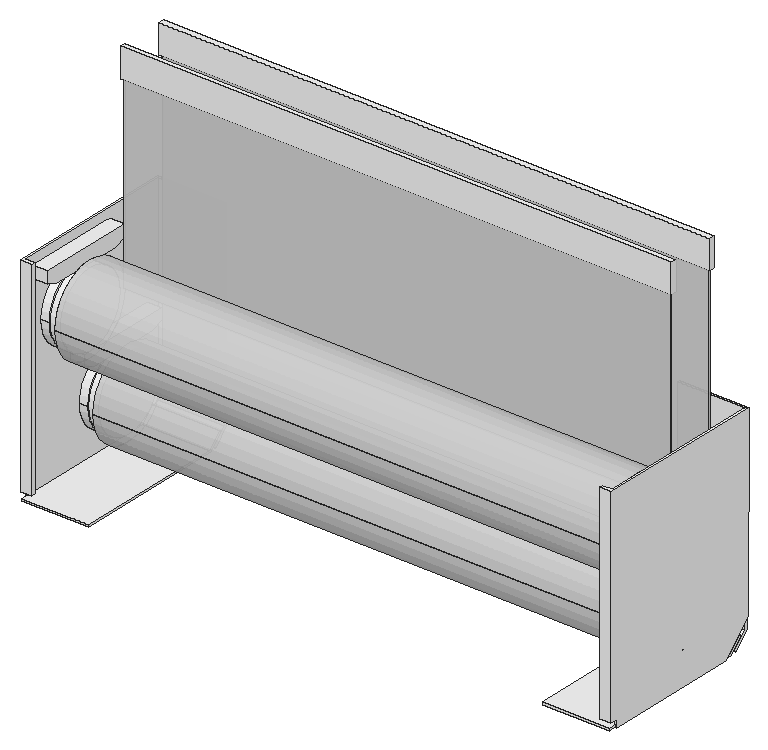
Revit family "Roller_Shades-Lutron-Contract_Dual_Roller-02", category Specialty Equipment, host Face, Revit 2017
Family settings
  Host = Face
  Round Connector Dimension = Use Diameter
  Part Type = Normal
  OmniClass Number = 23.30.60.14.21
  OmniClass Title = Shades
  Cut with Voids When Loaded = No
  Shared = No
  Room Calculation Point = No
Parameters (values of type "Ceiling Mount")
  Warranty URL = "http://www.lutron.com/en-US/Service-Support/Pages/Service/Warranty/Warranty.aspx"
  Wall Mount = no
  Video Link = "https://www.youtube.com/user/LutronElectronicsInc"
  Version = "2017 - v1.0a"  # constant formula
  URL = "http://www.lutron.com"
  Type Comments = ""
  Top to Center [instance] = if(and(Wall Mount, Fascia Top Back Cover), 0' 2 21/64", if(and(Wall Mount, Fascia), 0' 2 15/64", if(and(Wall Mount, Pocket Mount Enclosure), 0' 2 1/4", if(Wall Mount, 0' 2 5/32", if(and(Ceiling Mount, Fascia), 0' 2 59/256", if(and(Ceiling Mount, Pocket Mount Enclosure), 0' 2", if(Ceiling Mount, 0' 1 29/32", 0' 2 5/32")))))))  # 0' - 1 29/32"
  Support Phone = "(224) 699-9545"  # constant formula
  Support Email = "mailto: support@anguleris.com"
  Side to Center [instance] = if(and(Ceiling Mount, Fascia Top Back Cover), 0' 2 21/64", if(and(Ceiling Mount, Fascia), 0' 2 15/64", if(and(Ceiling Mount, Pocket Mount Enclosure), 0' 2 1/4", if(Ceiling Mount, 0' 2 5/32", if(and(Wall Mount, Fascia), 0' 2 59/256", if(and(Wall Mount, Pocket Mount Enclosure), 0' 2", if(Wall Mount, 0' 1 29/32", 0' 2 5/32")))))))  # 0' - 2 5/32"
  Shade Width [instance] = 1' - 6"
  Shade Size Available [instance] = if(and(Shade Height > 15' 0", Shade Width > 10' 0"), "Shade Size Unavailable, Max Height 15', Max Width 10'", if(Shade Height > 15' 0", "Shade Size Unavailable, Max Height 15'", if(Shade Width > 10' 0", "Shade Size Unavailable, Max Width 10'", "Yes")))  # "Yes"
  Shade Material = Fabric - Lutron - Linen - White
  Shade Height [instance] = 0' - 5 1/2"
  Series = "Contract Roller Shades"
  Right Clutch [instance] = yes
  Product Page URL = "http://www.lutron.com/en-US/Products/Pages/ShadingSystems/ContractRoller/Overview.aspx"
  Product Name = "Contract Roller - Dual Manual Shade"
  Product Documentation Link = "http://www.lutron.com/TechnicalDocumentLibrary/085350.pdf"
  Pocket Mount Enclosure = no
  Pocket Inset = if(Pocket Mount Enclosure, 0' 11", 0' 0")  # 0' - 0"
  Performance URL = "http://www.lutron.com/en-US/Service-Support/Pages/Technical/PerfomanceSpecs.aspx"
  Overall Width [instance] = if(and(Fascia, Shade Width < 1' 6 1/2"), 1' 6 1/2" + 0' 1 3/4", if(and(not(Fascia), Shade Width < 1' 6 1/2"), 1' 6 1/2" + 0' 1 1/2", if(and(Fascia, Shade Width > 10' 0"), 10' 0" + 0' 1 3/4", if(and(not(Fascia), Shade Width > 10' 0"), 10' 0" + 0' 1 1/2", Shade Width + Edge Width))))  # 1' - 8"
  Overall Height [instance] = if([3D Shade Height Visibility], Shade Height, 1' 0 1/2")  # 1' - 0 1/2"
  Overall Depth [instance] = if(Fascia Top Back Cover, 0' 6 33/256", if(Fascia, 0' 6 9/256", if(Pocket Mount Enclosure, 0' 7", 0' 5 205/256")))  # 0' - 5 205/256"
  Mounting = if(Pocket Mount Enclosure, "Pocket Mount", if(Wall Mount, "Wall Mount", if(Ceiling Mount, "Ceiling Mount", "Select Mounting Type")))  # "Ceiling Mount"
  Model = "Manual Shade"
  Manufacturer Phone Number = "610-282-3800"  # constant formula
  Manufacturer Fax Number = "610-282-1243"  # constant formula
  Manufacturer Email = "mailto:support@lutron.com"
  Manufacturer Address = "7200 Suter Rd, Coopersburg, PA 18036"  # constant formula
  Manufacturer = "Lutron Electronics Co., Inc"  # constant formula
  Lineal Requirements [instance] = ""
  Light Gap = 0' - 0 3/4"  # constant formula
  Left Clutch [instance] = no
  Keynote = ""
  Instruction Sheet Link = "http://www.lutron.com/TechnicalDocumentLibrary/045672.pdf"
  Fixture Angle = if(Wall Mount, 90.00°, 0.00°)  # 0.00°
  Finish = Finish - Lutron - White
  Fascia Top Back Cover [instance] = no
  Fascia Note [instance] = "Fascia must be turned on to utilize Fascia Endcap and Fascia Top Back Cover Options"  # constant formula
  Fascia [instance] = no
  Fabric Roll Detail = ""
  Fabric Options [instance] = ""
  Fabric Collection [instance] = ""
  Fascia Endcap [instance] = no
  End Cap [instance] = 0' - 7 253/256"  # constant formula
  Edge Width [instance] = if(Fascia, 0' 1 3/4", 0' 1 1/2")  # 0' - 1 1/2"
  Description = "Manual Roller Shade"
  Default Elevation = 0' - 0"
  Cost Info = "mailto:sales@lutron.com"
  Cost = 0
  Copyright = "© 2019 Lutron Electronics Co., Inc."  # constant formula
  Control Technology [instance] = ""
  Ceiling Mount = yes
  C Fascia Top [instance] = if(and(Fascia, Fascia Top Back Cover), 1 = 1, 1 = 0)  # no
  C Fascia Endcap [instance] = if(and(Fascia, Fascia Endcap), 1 = 1, 1 = 0)  # no
  C Fascia [instance] = if(Pocket Mount Enclosure, 1 = 0, Fascia)  # no
  Bottom Bar [instance] = ""
  Assembly Code = "E2010320"
  Actual Shade Width [instance] = if(Shade Width > 10' 0", 10' 0", Shade Width)  # 1' - 6"
  Actual Shade Height [instance] = if(Shade Height > 15' 0", 15' 0", Shade Height)  # 0' - 5 1/2"
  3D Shade Height Visibility [instance] = no
Types (3): name | Wall Mount | Top to Center | Side to Center | Pocket Mount Enclosure | Pocket Inset | Overall Depth | Mounting | Fixture Angle | Ceiling Mount
  Ceiling Mount | no | 0' - 1 29/32" | 0' - 2 5/32" | no | 0' - 0" | 0' - 5 205/256" | "Ceiling Mount" | 0.00° | yes
  Wall Mount | yes | 0' - 2 5/32" | 0' - 1 29/32" | no | 0' - 0" | 0' - 5 205/256" | "Wall Mount" | 90.00° | no
  Pocket Mount | no | 0' - 2" | 0' - 2 1/4" | yes | 0' - 11" | 0' - 7" | "Pocket Mount" | 0.00° | yes
Reference planes (in)
  plane 1 "Center (Front/Back)": y = 0
  plane 2: z = 0
  plane 3 "Center (Left/Right)": x = 0
  plane 4: x = -10
  plane 5: x = 10
  plane 6: x = -9.25
  plane 7: x = 9.25
  plane 8: z = 1.90625
  plane 9: z = 0
  plane 10: y = 2.15625
  plane 11: y = -3.64453
  plane 12: x = -9.625
  plane 13: x = 9.625
  plane 14: x = -10.125
  plane 15: x = 10.125
  plane 16: z = 0
  plane 17 "Pocket": z = 0
  plane 18: z = 12.5
Forms (in)
  Extrusion 1, void
    sketch origin (0, 1.5, 1.90625) x (0, -1, 0) y (1, 0, 0)
      loop
        line (-0.65625, -10) -> (5.14453, -10) -> (5.14453, 10) -> (-0.65625, 10) -> (-0.65625, -10)
    from -1.90625 to 10.59375
Lines and regions (in)
  reference lines
    curve 1: line (0, 0, 1.90625) -> (0, 0, 12.15625)
    curve 2: line (0, 0, 1.90625) -> (0, -14, 1.90625)
Dimensions and locks (in)
  "Light Gap": plane 4 to plane 6
  "Light Gap": plane 7 to plane 5
  equal spacing: plane 4, plane 3 "Center (Left/Right)", plane 5
  "Overall Width": plane 4 to plane 5
  locked: plane 12 to plane 4 at 0.375
  locked: plane 13 to plane 5 at 0.375
  locked: plane 4 to plane 14 at 0.125
  locked: plane 5 to plane 15 at 0.125
  "Overall Depth": plane 10 to plane 11
  "Side to Center": plane 10 to plane 1 "Center (Front/Back)"
  locked: level to plane 16 at 0
  "Overall Height": plane 18 to plane 17 "Pocket"
  "Top to Center": plane 8 to plane 17 "Pocket"
  "Pocket Inset": level to plane 17 "Pocket"
  locked: curve 2 to curve 1 (angle 90.00°)
  "Fixture Angle": angle plane 8 to curve 2
  aligned and locked: plane 2 to host face
  aligned and locked: level to host face
  aligned and locked: nested 1 to curve 2
  aligned and locked: nested 1 to curve 1
  aligned and locked: plane 8 to curve 1
  aligned and locked: plane 3 "Center (Left/Right)" to nested 1
  aligned and locked: Extrusion 1 sketch curve to plane 10
  aligned and locked: Extrusion 1 sketch curve to nested 1
  aligned and locked: Extrusion 1 sketch curve to plane 11
  aligned and locked: nested 1 to Extrusion 1 sketch curve
  aligned and locked: plane 18 to Extrusion 1
  aligned and locked: Extrusion 1 to plane 17 "Pocket"
Automatic sketch dimensions
  host sketch curve to host sketch curve = 8' - 0"
  host sketch curve to host sketch curve = 8' - 0.06319"
  curve 2 to plane 1 "Center (Front/Back)" = 0' - 0"
Nested families (in)
  nested 1: "Prototype Dual Rotate" at (0, 0, 1.90625), Shade Width <- "Shade Width", Shade Height <- "Shade Height", Left Clutch <- "Left Clutch", Fascia Endcap <- "C Fascia Endcap", Fascia Top Back Cover <- "C Fascia Top", 3D Shade Height Visibility <- "3D Shade Height Visibility", type "None"
    with Top to Center 0' - 1 29/32", Side to Center 0' - 2 5/32", Shade Width 1' - 6", Shade Size Available "Yes", Shade Height 0' - 5 1/2", Right Clutch Standard yes, Right Clutch Fascia no, Right Clutch yes, Overall Width 1' - 8", Overall Height 1' - 0 1/2", Overall Depth 0' - 5 205/256", Lineal Requirements "", Left Clutch Standard no, Left Clutch Fascia no, Left Clutch no, Fascia Top Back Cover no, Fascia Endcap no, Fabric Options "", Fabric Collection "", End Cap Mask 0' - 0 1/8", End Cap 0' - 7 253/256", Control Technology "", Bottom Bar "", Actual Shade Width 1' - 6", Actual Shade Height 1' - 6", 3D Shade Height Visibility no
Definition of nested family "Prototype Dual Rotate"
  Parameters (values of type "None")
    Warranty URL = ""
    Video Link = ""
    Version = "2017 - v1.0b"  # constant formula
    URL = "http://www.lutron.com"
    Type Comments = ""
    Top to Center [instance] = if(Fascia, 0' 2 59/256", if(Pocket Mount Enclosure, 0' 2", 0' 1 29/32"))  # 0' - 1 29/32"
    Support Phone = "(224) 699-9545"  # constant formula
    Support Email = "mailto: support@anguleris.com"
    Side to Center [instance] = if(Fascia, 0' 2 21/64", if(Pocket Mount Enclosure, 0' 2 1/4", 0' 2 5/32"))  # 0' - 2 5/32"
    Shade Width [instance] = 1' - 0"
    Shade Size Available [instance] = if(and(Shade Height > 15' 0", Shade Width > 10' 0"), "Shade Size Unavailable, Max Height 15', Max Width 10'", if(Shade Height > 15' 0", "Shade Size Unavailable, Max Height 15'", if(Shade Width > 10' 0", "Shade Size Unavailable, Max Width 10'", "Yes")))  # "Yes"
    Shade Material = none
    Shade Height [instance] = 2' - 0"
    Series = ""
    Roller Spacing Width = if(Fascia, 0' 1 169/256", 0' 1 161/256")  # 0' - 1 161/256"
    Roller Spacing Height = if(Fascia, 0' 3 39/64", 0' 3 1/4")  # 0' - 3 1/4"
    Right Clutch Standard [instance] = if(and(not(Fascia), Right Clutch), 1 = 1, 1 = 0)  # no
    Right Clutch Fascia [instance] = if(and(Fascia, Right Clutch), 1 = 1, 1 = 0)  # no
    Right Clutch [instance] = not(Left Clutch)  # no
    Product Page URL = ""
    Product Name = ""
    Product Documentation Link = ""
    Pocket Mount Enclosure = no
    Performance URL = ""
    Overall Width [instance] = if(and(Fascia, Shade Width < 1' 6 1/2"), 1' 6 1/2" + 0' 1 3/4", if(and(not(Fascia), Shade Width < 1' 6 1/2"), 1' 6 1/2" + 0' 1 1/2", if(and(Fascia, Shade Width > 10' 0"), 10' 0" + 0' 1 3/4", if(and(not(Fascia), Shade Width > 10' 0"), 10' 0" + 0' 1 1/2", Shade Width + Edge Width))))  # 1' - 8"
    Overall Height [instance] = if([3D Shade Height Visibility], Shade Height, 1' 0 1/2")  # 1' - 0 1/2"
    Overall Depth [instance] = if(Fascia, 0' 6 33/256", if(Pocket Mount Enclosure, 0' 7", 0' 5 205/256"))  # 0' - 5 205/256"
    Not Pocket = not(Pocket Mount Enclosure)  # yes
    Mounting = "Ceiling"
    Model = ""
    Manufacturer Phone Number = "610-282-3800"  # constant formula
    Manufacturer Fax Number = "610-282-1243"  # constant formula
    Manufacturer Email = "mailto:support@lutron.com"
    Manufacturer Address = "7200 Suter Rd, Coopersburg, PA 18036"  # constant formula
    Manufacturer = "Lutron Electronics Co., Inc"  # constant formula
    Lineal Requirements [instance] = ""
    Light Gap = 0' - 0 3/4"  # constant formula
    Left Clutch Standard [instance] = if(and(not(Fascia), Left Clutch), 1 = 1, 1 = 0)  # yes
    Left Clutch Fascia [instance] = if(and(Fascia, Left Clutch), 1 = 1, 1 = 0)  # no
    Left Clutch [instance] = yes
    Keynote = ""
    Instruction Sheet Link = ""
    Finish = none
    Fascia Top Back Cover [instance] = no
    Fascia = no
    Fabric Roll Detail = ""
    Fabric Options [instance] = ""
    Fabric Collection [instance] = ""
    Fascia Endcap [instance] = no
    End Cap Mask [instance] = if(Fascia Endcap, 0' 0", 0' 0 1/8")  # 0' - 0 1/8"
    End Cap [instance] = 0' - 7 253/256"  # constant formula
    Edge Width = if(Fascia, 0' 1 3/4", 0' 1 1/2")  # 0' - 1 1/2"
    Description = ""
    Default Elevation = 0' - 0"
    Cost Info = "mailto:sales@lutron.com"
    Cost = 0
    Copyright = "© 2019 Lutron Electronics Co., Inc."  # constant formula
    Control Technology [instance] = ""
    Bottom Bar [instance] = ""
    Assembly Code = "E2010320"
    Actual Shade Width [instance] = if(Shade Width > 10' 0", 10' 0", Shade Width)  # 1' - 0"
    Actual Shade Height [instance] = if(Shade Width > 15' 0", 15' 0", Shade Width)  # 1' - 0"
    3D Shade Height Visibility [instance] = no
  Reference planes (in)
    plane 1 "Center (Front/Back)": y = 0
    plane 2: z = 0
    plane 3 "Center (Left/Right)": x = 0
    plane 4: x = -10
    plane 5: x = 10
    plane 6: x = -9.25
    plane 7: x = 9.25
    plane 8: z = 0
    plane 9: z = 9.60775
    plane 10: z = 10.59375
    plane 11: y = 1.5
    plane 12: z = 0
    plane 13: y = 2.15625
    plane 14: y = -3.64453
    plane 15: x = -9.625
    plane 16: x = 9.625
    plane 17: x = -10.125
    plane 18: x = 10.125
    plane 19: z = 6.08203
    plane 20: z = 0
    plane 21: z = -1.90625
    plane 22: y = 1.4375
    plane 23: z = 3.25
    plane 24: y = -1.62891
    plane 25: y = -0.12891
    plane 26: y = -0.19141
  Forms (in)
    Extrusion 1, solid
      sketch origin (0, 0, 0) x (1, 0, 0) y (0, 1, 0)
        loop
          line (-48, 48) -> (-48, -48.06319) -> (48, -48.06319) -> (48, 48) -> (-48, 48)
      from 0 to -5.50196
    Extrusion 2, solid, material <- "Shade Material"
      sketch origin (0, 0, 3.25) x (0, 1, 0) y (0, 0, 1)
        loop
          circle (0, -3.25) r 1.5
        loop
          circle (-1.62891, 0) r 1.5
      from -9.25 to 9.25
    Extrusion 3, solid, material <- "Finish"
      sketch origin (0, -1.764, 5.014) x (0, 0, -1) y (0, -1, 0)
        loop
          circle (5.014, -1.764) r 1.25
        loop
          circle (1.764, -0.13509) r 1.25
      from 9.25 to 9.625
    Extrusion 4, solid, material <- "Finish"
      sketch origin (0, 0, 3.25) x (0, 1, 0) y (0, 0, 1)
        loop
          circle (0, -3.25) r 1.25
        loop
          circle (-1.62891, 0) r 1.25
      from 9.25 to 9.625
    Extrusion 5, solid, material <- "Shade Material"
      sketch origin (0, 1.4375, 5.014) x (1, 0, 0) y (0, 0, -1)
        loop
          line (-9.25, 5.014) -> (-9.25, -4.59375) -> (9.25, -4.59375) -> (9.25, 5.014) -> (-9.25, 5.014)
      from 0 to 0.0625
    Extrusion 6, solid, material <- "Finish", detail levels medium+fine
      sketch origin (0, -1.764, 5.014) x (0, 0, -1) y (0, 1, 0)
        loop
          line (-4.59375, 3.3265) -> (-5.57975, 3.3265) -> (-5.57975, 3.139) -> (-4.59375, 3.139) -> (-4.59375, 3.3265)
      from -9.3125 to 9.3125
    Extrusion 7, solid, material <- "Finish", visible <- "Fascia Endcap"
      sketch origin (0, 0, 6.8125) x (1, 0, 0) y (0, 1, 0)
        loop
          line (10, -3.64453) -> (10.125, -3.64453) -> (10.125, 2.15625) -> (10, 2.15625) -> (10, -3.64453)
        loop
          line (-10, -3.64453) -> (-10, 2.15625) -> (-10.125, 2.15625) -> (-10.125, -3.64453) -> (-10, -3.64453)
      from -8.71875 to -0.73047
    Sweep 8, solid, material <- "Finish", visible <- "Fascia"
      path origin (0, 0, 3.25) x (1, 0, 0) y (0, 0, 1)
        loop
          line (-10, -3.25) -> (10, -3.25)
      profile "Dual Fascia Profile : Dual Fascia Profile" origin (0, 0, 0) x (0, 0, 1) y (0, -1, 0)
        loop
          line (5.73625, 2.73878) -> (5.83, 2.73878) -> (5.83, 3.8) -> (-2.23, 3.8) -> (-2.23, 3.47381) -> (-2.13625, 3.47381) -> (-2.13625, 3.70625) -> (5.73625, 3.70625) -> (5.73625, 2.73878)
    Sweep 9, solid, material <- "Finish", visible <- "Pocket Mount Enclosure"
      path origin (0, 0, 3.25) x (1, 0, 0) y (0, 0, 1)
        loop
          line (-10, -3.25) -> (10, -3.25)
      profile "Dual Pocket Profile : Dual Pocket Profile" origin (0, 0, 0) x (0, 0, 1) y (0, -1, 0)
        loop
          line (8.9375, 4.11341) -> (8.9375, 2.75) -> (9, 2.75) -> (9, 4.53125) -> (8.9375, 4.53125) -> (8.9375, 4.17591) -> (8.1275, 4.17591) -> (8.1275, 4.30091) -> (8.29783, 4.30091) -> (8.29783, 4.36341) -> (8.065, 4.36341) -> (8.065, 4.11341) -> (8.9375, 4.11341)
        loop
          line (8.83702, -2.25) -> (8.83702, -2.15625) -> (-1.90625, -2.15625) -> (-1.90625, 4.65625) -> (7.17863, 4.65625) -> (7.17863, 4.30091) -> (7.3575, 4.30091) -> (7.3575, 4.39466) -> (7.27238, 4.39466) -> (7.27238, 4.5625) -> (7.72125, 4.5625) -> (7.72125, 4.39466) -> (7.63613, 4.39466) -> (7.63613, 4.30091) -> (7.815, 4.30091) -> (7.815, 4.5625) -> (8.32908, 4.5625) -> (8.32908, 4.26966) -> (8.15875, 4.26966) -> (8.15875, 4.20716) -> (8.39158, 4.20716) -> (8.39158, 4.5625) -> (9, 4.5625) -> (9, 4.75) -> (-2, 4.75) -> (-2, -2.25) -> (8.83702, -2.25)
    Sweep 10, solid, material <- "Finish", visible <- "Fascia Top Back Cover"
      path origin (0, 1.5, 0) x (0, -1, 0) y (1, 0, 0)
        loop
          line (1.5, -10) -> (1.5, 10)
      profile "Dual Top Back Fascia Profile : Dual Top Back Fascia Profile" origin (0, 0, 0) x (0, 1, 0) y (0, 0, 1)
        loop
          line (1.26878, -2.13625) -> (1.26878, -2.23) -> (2.33, -2.23) -> (2.33, 5.83) -> (2.00381, 5.83) -> (2.00381, 5.73625) -> (2.23625, 5.73625) -> (2.23625, -2.13625) -> (1.26878, -2.13625)
    Extrusion 11, solid, material <- "Shade Material"
      sketch origin (0, -0.19141, 5.014) x (1, 0, 0) y (0, 0, -1)
        loop
          line (-9.25, 1.764) -> (-9.25, -4.59375) -> (9.25, -4.59375) -> (9.25, 1.764) -> (-9.25, 1.764)
      from 0 to 0.0625
    Extrusion 12, solid, material <- "Finish", detail levels medium+fine
      sketch origin (0, -3.39291, 5.014) x (0, 0, -1) y (0, 1, 0)
        loop
          line (-4.59375, 3.3265) -> (-5.57975, 3.3265) -> (-5.57975, 3.139) -> (-4.59375, 3.139) -> (-4.59375, 3.3265)
      from -9.3125 to 9.3125
  Cuts and joins
    joined: Extrusion 2, Extrusion 5
  Dimensions and locks (in)
    "Light Gap": plane 4 to plane 6
    "Light Gap": plane 7 to plane 5
    locked: plane 11 to Extrusion 6 sketch curve at 0.0625
    locked: Extrusion 6 sketch curve to plane 11 at 0.125
    equal spacing: plane 4, plane 3 "Center (Left/Right)", plane 5
    "Overall Width": plane 4 to plane 5
    locked: plane 15 to plane 4 at 0.375
    locked: plane 16 to plane 5 at 0.375
    locked: plane 4 to plane 17 at 0.125
    locked: plane 5 to plane 18 at 0.125
    "Overall Depth": plane 13 to plane 14
    "Side to Center": plane 13 to plane 1 "Center (Front/Back)"
    locked: level to plane 20 at 0
    locked: plane 10 to plane 9 at 0.986
    "Top to Center": plane 20 to plane 21
    "End Cap": plane 19 to plane 21
    "Overall Height": plane 10 to plane 21
    locked: plane 11 to plane 22 at 0.0625
    locked: plane 7 to Extrusion 6 at 0.0625
    locked: plane 6 to Extrusion 6 at 0.0625
    "Roller Spacing Height": plane 23 to plane 20
    "Roller Spacing Width": plane 1 "Center (Front/Back)" to plane 24
    locked: plane 25 to plane 26 at 0.0625
    locked: plane 25 to plane 24 at 1.5
    Sweep 10 to Sweep 8 = 0' - 5.9425"
    Extrusion 7 to Sweep 8 = 0' - 8.21828"
    Extrusion 12 sketch curve to plane 26 to Extrusion 12 sketch curve = 0' - 0 1/8" locked, 0' - 0 1/16" locked
    locked: plane 6 to Extrusion 12 at 0.0625
    locked: plane 7 to Extrusion 12 at 0.0625
    diameter of Extrusion 2 sketch curve = 0' - 3"  (x2)
    diameter of Extrusion 4 sketch curve = 0' - 2 1/2"  (x2)
    diameter of Extrusion 3 sketch curve = 0' - 2 1/2"  (x2)
    aligned and locked: plane 2 to Extrusion 1
    aligned and locked: level to Extrusion 1
    aligned and locked: Extrusion 2 to plane 6
    aligned and locked: Extrusion 2 to plane 7
    aligned and locked: plane 6 to Extrusion 3
    aligned and locked: plane 11 to Extrusion 5
    aligned and locked: Extrusion 5 sketch curve to plane 6
    aligned and locked: Extrusion 5 sketch curve to plane 8
    aligned and locked: plane 9 to Extrusion 5 sketch curve
    aligned and locked: Extrusion 5 sketch curve to plane 7
    aligned and locked: plane 10 to Extrusion 6
    aligned and locked: Extrusion 6 to plane 9
    aligned and locked: plane 7 to Extrusion 4
    aligned and locked: plane 4 to Extrusion 7 sketch curve
    aligned and locked: plane 13 to Extrusion 7 sketch curve
    aligned and locked: plane 14 to Extrusion 7 sketch curve
    aligned and locked: Extrusion 7 sketch curve to plane 5
    aligned and locked: Extrusion 7 sketch curve to plane 14
    aligned and locked: Extrusion 7 sketch curve to plane 13
    aligned and locked: Extrusion 3 to plane 15
    aligned and locked: Extrusion 4 to plane 16
    aligned and locked: plane 1 "Center (Front/Back)" to Extrusion 4 sketch curve
    aligned and locked: plane 1 "Center (Front/Back)" to Extrusion 3 sketch curve
    aligned and locked: nested 1 to plane 1 "Center (Front/Back)"
    aligned and locked: plane 8 to nested 1
    aligned and locked: Sweep 8 sketch curve to plane 8
    aligned and locked: plane 5 to Sweep 8 sketch curve
    aligned and locked: plane 4 to Sweep 8 sketch curve
    aligned and locked: plane 19 to Extrusion 7
    aligned and locked: plane 18 to Extrusion 7 sketch curve
    aligned and locked: Extrusion 7 sketch curve to plane 17
    aligned and locked: plane 5 to Sweep 9 sketch curve
    aligned and locked: Sweep 9 sketch curve to plane 8
    aligned and locked: plane 4 to Sweep 9 sketch curve
    aligned and locked: plane 1 "Center (Front/Back)" to nested 2
    aligned and locked: nested 2 to plane 8
    aligned and locked: plane 1 "Center (Front/Back)" to Sweep 10 sketch curve
    aligned and locked: plane 5 to Sweep 10 sketch curve
    aligned and locked: plane 4 to Sweep 10 sketch curve
    aligned and locked: cut or joined group of Extrusion 2, Extrusion 5 to plane 22
    aligned and locked: plane 11 to cut or joined group of Extrusion 2, Extrusion 5
    aligned and locked: Extrusion 6 sketch curve to plane 10
    aligned and locked: plane 9 to Extrusion 6 sketch curve
    aligned and locked: Extrusion 7 to plane 21
    aligned and locked: plane 1 "Center (Front/Back)" to Extrusion 2 sketch curve
    aligned and locked: plane 20 to Extrusion 2 sketch curve
    aligned and locked: plane 23 to Extrusion 2 sketch curve
    aligned and locked: plane 24 to Extrusion 2 sketch curve
    aligned and locked: plane 20 to Extrusion 4 sketch curve
    aligned and locked: plane 23 to Extrusion 4 sketch curve
    aligned and locked: plane 24 to Extrusion 4 sketch curve
    aligned and locked: plane 20 to Extrusion 3 sketch curve
    aligned and locked: plane 23 to Extrusion 3 sketch curve
    aligned and locked: plane 24 to Extrusion 3 sketch curve
    aligned and locked: nested 5 to plane 1 "Center (Front/Back)"
    aligned and locked: plane 20 to nested 5
    aligned and locked: nested 6 to plane 1 "Center (Front/Back)"
    aligned and locked: plane 20 to nested 6
    aligned and locked: nested 3 to plane 1 "Center (Front/Back)"
    aligned and locked: plane 1 "Center (Front/Back)" to nested 8
    aligned and locked: plane 1 "Center (Front/Back)" to nested 7
    aligned and locked: plane 1 "Center (Front/Back)" to nested 4
    aligned and locked: nested 8 to plane 20
    aligned and locked: plane 20 to nested 3
    aligned and locked: plane 20 to nested 1
    aligned and locked: nested 7 to plane 20
    aligned and locked: nested 4 to plane 20
    aligned and locked: nested 2 to plane 20
    aligned and locked: plane 26 to Extrusion 11
    aligned and locked: Extrusion 11 to plane 25
    aligned and locked: Extrusion 11 sketch curve to plane 6
    aligned and locked: Extrusion 11 sketch curve to plane 7
    aligned and locked: plane 9 to Extrusion 11 sketch curve
    aligned and locked: Extrusion 11 sketch curve to plane 23
    aligned and locked: plane 10 to Extrusion 12 sketch curve
    aligned and locked: Extrusion 12 sketch curve to plane 9
  Automatic sketch dimensions
    Extrusion 1 sketch curve to Extrusion 1 sketch curve = 8' - 0"
    Extrusion 1 sketch curve to Extrusion 1 sketch curve = 8' - 0.06319"
  Nested families (in)
    nested 1: "Dual Clutch Bracket" at (-9.625, 0, 0) x (0, 1, 0) z (-1, 0, 0), visible <- "Right Clutch Standard", type "Dual Clutch Bracket", detail levels medium+fine
    nested 2: "Dual Clutch Bracket" at (9.625, 0, 0) x (0, 1, 0) z (1, 0, 0), visible <- "Left Clutch Standard", type "Dual Clutch Bracket", detail levels medium+fine
    nested 3: "Dual Idler Bracket" at (-9.625, 0, 0) x (0, 1, 0) z (-1, 0, 0), visible <- "Left Clutch Standard", type "Dual Idler Bracket", detail levels medium+fine
    nested 4: "Dual Idler Bracket" at (9.625, 0, 0) x (0, 1, 0) z (1, 0, 0), visible <- "Right Clutch Standard", type "Dual Idler Bracket", detail levels medium+fine
    nested 5: "Dual Idler Fascia Bracket" at (-9.625, 0, 0) x (0, 1, 0) z (-1, 0, 0), visible <- "Left Clutch Fascia", type "Dual Idler Fascia Bracket", detail levels medium+fine
    nested 6: "Dual Clutch Fascia Bracket" at (-9.625, 0, 0) x (0, 1, 0) z (-1, 0, 0), visible <- "Right Clutch Fascia", type "Dual Clutch Fascia Bracket"
    nested 7: "Dual Idler Fascia Bracket" at (9.625, 0, 0) x (0, 1, 0) z (1, 0, 0), visible <- "Left Clutch Fascia", type "Dual Idler Fascia Bracket", detail levels medium+fine
    nested 8: "Dual Clutch Fascia Bracket" at (9.625, 0, 0) x (0, 1, 0) z (1, 0, 0), visible <- "Right Clutch Fascia", type "Dual Clutch Fascia Bracket"
  Definition of nested family "Dual Clutch Bracket"
    Parameters (values of type "Dual Clutch Bracket")
      Finish = none
      Default Elevation = 4' - 0"
    Reference planes (in)
      plane 1 "Center (Front/Back)": y = 0
      plane 2: z = 0
      plane 3 "Center (Left/Right)": x = 0
      plane 4: x = -3.64375
      plane 5: x = 2.15625
      plane 6: y = 1.90625
      plane 7: y = -5.36175
      plane 8: x = 2.09375
      plane 9: y = 1.84375
      plane 10: z = 0.375
      plane 11: z = -1.955
      plane 12: z = 0.3125
      plane 13: y = -3.25
      plane 14 "2": x = -1.63
    Forms (in)
      Extrusion 1, solid
        sketch origin (0, 0, 0) x (1, 0, 0) y (0, 1, 0)
          loop
            line (-48, 48) -> (-48, -48) -> (48, -48) -> (48, 48) -> (-48, 48)
        from 0 to -12
      Extrusion 2, solid, material <- "Finish"
        sketch origin (0, 0, 0) x (1, 0, 0) y (0, 1, 0)
          loop
            line (-3.64375, -5.36175) -> (2.15625, -5.36175) -> (2.15625, 0.96486) -> (1.21486, 1.90625) -> (-3.39375, 1.90625) -> (-3.39375, 1.65625) -> (-3.64375, 1.65625) -> (-3.64375, -5.36175)
        from 0.3125 to 0.375
      Extrusion 3, solid, material <- "Finish"
        sketch origin (-0.08, -0.32375, 0) x (1, 0, 0) y (0, 1, 0)
          loop
            line (-3.56375, 2.23) -> (-3.56375, 2.1675) -> (1.54642, 2.1675) -> (1.95581, 1.75812) -> (2, 1.80231) -> (1.57231, 2.23) -> (-3.56375, 2.23)
        from -1.955 to 0.3125
      Extrusion 4, solid, material <- "Finish"
        sketch origin (-0.08, -0.32375, 0) x (1, 0, 0) y (0, 1, 0)
          loop
            line (1.72963, 2.13518) -> (2.17375, 1.69106) -> (2.17375, -5.038) -> (2.23625, -5.038) -> (2.23625, 1.71695) -> (1.77382, 2.17938) -> (1.72963, 2.13518)
        from -1.955 to 0.3125
      Extrusion 5, solid, material <- "Finish"
        sketch origin (0, 0, 0) x (1, 0, 0) y (0, 1, 0)
          loop
            line (-3.50566, 1.65625) -> (-3.64375, 1.65625) -> (-3.64375, -5.36175) -> (-3.50566, -5.36175) -> (-3.50566, 1.65625)
        from 0 to 0.3125
      Extrusion 6, solid, material <- "Finish"
        sketch origin (0, 0, 0) x (1, 0, 0) y (0, 1, 0)
          loop
            line (-1.64026, -1.80709) -> (1.60974, -1.80709) -> (1.60974, -1.43156) -> (1.19675, -1.28124) -> (-1.22727, -1.28124) -> (-1.64026, -1.43156) -> (-1.64026, -1.80709)
          loop
            line (-3.21608, -5.038) -> (0.03392, -5.038) -> (0.03392, -4.66247) -> (-0.37907, -4.51215) -> (-2.80309, -4.51215) -> (-3.21608, -4.66247) -> (-3.21608, -5.038)
        from -0.20289 to 0.3125
      Extrusion 7, solid, material <- "Finish"
        sketch origin (0, 0, 0) x (1, 0, 0) y (0, 1, 0)
          loop
            circle (0, 0) r 1.25
          loop
            circle (-1.63, -3.25) r 1.25
        from 0 to 0.3125
    Cuts and joins
      joined: Extrusion 2, Extrusion 3, Extrusion 4, Extrusion 5, Extrusion 6, Extrusion 7
    Lines and regions (in)
      Masking region 1, detail levels fine
        outline origin (0, 0, 0) x (0, 1, 0) y (0, 0, 1)
          loop
            line (2.23, -0.875) -> (2.23, 0.375) -> (-2, 0.375) -> (-2, 0.3125) -> (2.1675, 0.3125) -> (2.1675, -0.875) -> (2.23, -0.875)
      Masking region 2, detail levels medium+fine
        outline origin (0, 0, 0) x (0, 1, 0) y (0, 0, 1)
          loop
            line (0.73907, 0.3125) -> (-0.73907, 0.3125) -> (-0.73907, 0) -> (0.73907, 0) -> (0.73907, 0.3125)
    Dimensions and locks (in)
      locked: plane 6 to plane 1 "Center (Front/Back)" at 1.90625
      locked: plane 3 "Center (Left/Right)" to plane 5 at 2.15625
      locked: plane 8 to plane 5 at 0.0625
      locked: plane 6 to plane 9 at 0.0625
      locked: plane 10 to Extrusion 1 at 0.375
      locked: plane 10 to plane 11 at 2.33
      locked: plane 4 to plane 5 at 5.8
      locked: plane 6 to plane 7 at 7.268
      locked: plane 10 to plane 12 at 0.0625
      locked: plane 1 "Center (Front/Back)" to plane 13 at 3.25
      locked: plane 14 "2" to plane 3 "Center (Left/Right)" at 1.63
      aligned and locked: plane 2 to Extrusion 1
      aligned and locked: level to Extrusion 1
      aligned and locked: plane 7 to Extrusion 2 sketch curve
      aligned and locked: Extrusion 2 sketch curve to plane 4
      aligned and locked: Extrusion 2 to plane 12
      aligned and locked: plane 10 to Extrusion 2
      aligned and locked: Extrusion 3 to plane 11
      aligned and locked: plane 12 to Extrusion 3
      aligned and locked: Extrusion 4 to plane 11
      aligned and locked: plane 12 to Extrusion 4
      aligned and locked: Extrusion 5 sketch curve to cut or joined group of Extrusion 2, Extrusion 3, Extrusion 4, Extrusion 5, Extrusion 6, Extrusion 7
      aligned and locked: Extrusion 5 to plane 12
      aligned and locked: plane 1 "Center (Front/Back)" to Extrusion 7 sketch curve
      aligned and locked: plane 3 "Center (Left/Right)" to Extrusion 7 sketch curve
      aligned and locked: plane 13 to Extrusion 7 sketch curve
      aligned and locked: plane 14 "2" to Extrusion 7 sketch curve
      aligned and locked: Extrusion 7 to level
      aligned and locked: plane 12 to Extrusion 7
  Definition of nested family "Dual Idler Bracket"
    Parameters (values of type "Dual Idler Bracket")
      Finish = none
      Default Elevation = 4' - 0"
    Reference planes (in)
      plane 1 "Center (Front/Back)": y = 0
      plane 2: z = 0
      plane 3 "Center (Left/Right)": x = 0
      plane 4: x = -3.64375
      plane 5: x = 2.15625
      plane 6: y = 1.9062
      plane 7: y = -5.3618
      plane 8: x = 2.09375
      plane 9: y = 1.8437
      plane 10: z = 0.375
      plane 11: z = -1.955
      plane 12: z = 0.3125
      plane 13: y = -3.25
      plane 14 "2": x = -1.63
    Forms (in)
      Extrusion 1, solid
        sketch origin (0, 0, 0) x (1, 0, 0) y (0, 1, 0)
          loop
            line (-48, 48) -> (-48, -48) -> (48, -48) -> (48, 48) -> (-48, 48)
        from 0 to -12
      Revolve 2, solid, material <- "Finish"
        sketch origin (0, 0, 0) x (0, 1, 0) y (0, 0, 1)
          loop
            line (0.98907, 0.3125) -> (0, 0.3125) -> (0, 0) -> (0.30123, 0) -> (0.40347, 0.05902) -> (0.73907, 0.05902) -> (0.73907, 0.24128) -> (0.98907, 0.24128) -> (0.98907, 0.3125)
          axis (0, 0) -> (0, 0.3125)
        angle from 0 to 360
      Extrusion 3, solid, material <- "Finish"
        sketch origin (0, 0, 0) x (1, 0, 0) y (0, 1, 0)
          loop
            line (-3.64375, -5.3618) -> (2.15625, -5.3618) -> (2.15625, 0.96481) -> (1.21486, 1.9062) -> (-3.39375, 1.9062) -> (-3.39375, 1.6562) -> (-3.64375, 1.6562) -> (-3.64375, -5.3618)
        from 0.3125 to 0.375
      Extrusion 4, solid, material <- "Finish"
        sketch origin (-0.08, -0.3238, 0) x (1, 0, 0) y (0, 1, 0)
          loop
            line (-3.56375, 2.23) -> (-3.56375, 2.1675) -> (1.54642, 2.1675) -> (1.95581, 1.75812) -> (2, 1.80231) -> (1.57231, 2.23) -> (-3.56375, 2.23)
        from -1.955 to 0.3125
      Extrusion 5, solid, material <- "Finish"
        sketch origin (-0.08, -0.3238, 0) x (1, 0, 0) y (0, 1, 0)
          loop
            line (1.72963, 2.13518) -> (2.17375, 1.69106) -> (2.17375, -5.038) -> (2.23625, -5.038) -> (2.23625, 1.71695) -> (1.77382, 2.17938) -> (1.72963, 2.13518)
        from -1.955 to 0.3125
      Extrusion 6, solid, material <- "Finish"
        sketch origin (0, 0, 0) x (1, 0, 0) y (0, 1, 0)
          loop
            line (-3.51063, 1.6562) -> (-3.64375, 1.6562) -> (-3.64375, -5.3618) -> (-3.51063, -5.3618) -> (-3.51063, 1.6562)
        from 0 to 0.3125
      Revolve 7, solid, material <- "Finish"
        sketch origin (-1.63, 0, 0) x (0, 1, 0) y (0, 0, 1)
          loop
            line (-2.26093, 0.3125) -> (-3.25, 0.3125) -> (-3.25, 0) -> (-2.94877, 0) -> (-2.84653, 0.05902) -> (-2.51093, 0.05902) -> (-2.51093, 0.24128) -> (-2.26093, 0.24128) -> (-2.26093, 0.3125)
          axis (-3.25, 0) -> (-3.25, 0.3125)
        angle from 0 to 360
    Cuts and joins
      joined: Revolve 2, Extrusion 3, Extrusion 4, Extrusion 5, Extrusion 6, Revolve 7
    Dimensions and locks (in)
      locked: plane 6 to plane 1 "Center (Front/Back)" at 1.9062
      locked: plane 3 "Center (Left/Right)" to plane 5 at 2.15625
      locked: plane 8 to plane 5 at 0.0625
      locked: plane 6 to plane 9 at 0.0625
      locked: plane 10 to Extrusion 1 at 0.375
      locked: plane 10 to plane 11 at 2.33
      locked: plane 4 to plane 5 at 5.8
      locked: plane 6 to plane 7 at 7.268
      locked: plane 10 to plane 12 at 0.0625
      locked: plane 1 "Center (Front/Back)" to plane 13 at 3.25
      locked: plane 14 "2" to plane 3 "Center (Left/Right)" at 1.63
      aligned and locked: plane 2 to Extrusion 1
      aligned and locked: level to Extrusion 1
      aligned and locked: plane 7 to Extrusion 3 sketch curve
      aligned and locked: Extrusion 3 sketch curve to plane 4
      aligned and locked: Extrusion 3 to plane 12
      aligned and locked: plane 10 to Extrusion 3
      aligned and locked: Extrusion 4 to plane 11
      aligned and locked: plane 12 to Extrusion 4
      aligned and locked: Extrusion 5 to plane 11
      aligned and locked: plane 12 to Extrusion 5
      aligned and locked: Extrusion 6 sketch curve to cut or joined group of Revolve 2, Extrusion 3, Extrusion 4, Extrusion 5, Extrusion 6, Revolve 7
      aligned and locked: Extrusion 6 to plane 12
  Definition of nested family "Dual Idler Fascia Bracket"
    Parameters (values of type "Dual Idler Fascia Bracket")
      Finish = none
      Default Elevation = 4' - 0"
    Reference planes (in)
      plane 1 "Center (Front/Back)": y = 0
      plane 2: z = 0
      plane 3 "Center (Left/Right)": x = 0
      plane 4: x = -3.67375
      plane 5: x = 2.23625
      plane 6: y = 2.23
      plane 7: y = -5.76
      plane 8: x = 2.17375
      plane 9: y = 2.1675
      plane 10: z = 0.375
      plane 11: z = -1.955
      plane 12: z = 0.3125
      plane 13: y = -3.61
      plane 14 "2": x = -1.66
      plane 15: x = -3.61125
    Forms (in)
      Extrusion 1, solid
        sketch origin (0, 0, 0) x (1, 0, 0) y (0, 1, 0)
          loop
            line (-48, 48) -> (-48, -48) -> (48, -48) -> (48, 48) -> (-48, 48)
        from 0 to -12
      Revolve 2, solid, material <- "Finish"
        sketch origin (0, 0, 0) x (0, 1, 0) y (0, 0, 1)
          loop
            line (0.98907, 0.3125) -> (0, 0.3125) -> (0, 0) -> (0.30123, 0) -> (0.40347, 0.05902) -> (0.73907, 0.05902) -> (0.73907, 0.24128) -> (0.98907, 0.24128) -> (0.98907, 0.3125)
          axis (0, 0) -> (0, 0.3125)
        angle from 0 to 360
      Extrusion 3, solid, material <- "Finish"
        sketch origin (0, 0, 0) x (1, 0, 0) y (0, 1, 0)
          loop
            line (-3.67375, -5.76) -> (2.23625, -5.76) -> (2.23625, 1.74995) -> (1.99704, 1.98916) -> (1.20812, 1.98916) -> (1.20812, 2.23) -> (-2.64562, 2.23) -> (-2.64562, 1.98916) -> (-3.43454, 1.98916) -> (-3.67375, 1.74995) -> (-3.67375, -5.76)
        from 0.3125 to 0.375
      Extrusion 4, solid, material <- "Finish"
        sketch origin (-0.08, -0.3238, 0) x (1, 0, 0) y (0, 1, 0)
          loop
            line (1.28812, 2.31296) -> (1.28812, 2.5538) -> (-2.56562, 2.5538) -> (-2.56562, 2.31296) -> (-3.20365, 2.31296) -> (-3.46465, 2.05196) -> (-3.42046, 2.00777) -> (-3.17776, 2.25046) -> (-2.50312, 2.25046) -> (-2.50312, 2.4913) -> (1.22562, 2.4913) -> (1.22562, 2.25046) -> (1.90026, 2.25046) -> (2.14296, 2.00777) -> (2.18715, 2.05196) -> (1.92615, 2.31296) -> (1.28812, 2.31296)
        from -1.955 to 0.3125
      Extrusion 5, solid, material <- "Finish"
        sketch origin (-0.08, -0.3238, 0) x (1, 0, 0) y (0, 1, 0)
          loop
            line (2.07704, 2.31296) -> (2.03285, 2.26877) -> (2.25375, 2.04786) -> (2.25375, -5.4362) -> (2.31625, -5.4362) -> (2.31625, 2.07375) -> (2.07704, 2.31296)
        from -1.955 to 0.3125
      Revolve 6, solid, material <- "Finish"
        sketch origin (-1.66, 0, 0) x (0, 1, 0) y (0, 0, 1)
          loop
            line (-2.62093, 0.3125) -> (-3.61, 0.3125) -> (-3.61, 0) -> (-3.30877, 0) -> (-3.20653, 0.05902) -> (-2.87093, 0.05902) -> (-2.87093, 0.24128) -> (-2.62093, 0.24128) -> (-2.62093, 0.3125)
          axis (-3.61, 0) -> (-3.61, 0.3125)
        angle from 0 to 360
      Extrusion 7, solid, material <- "Finish"
        sketch origin (-1.3575, -0.3238, 0) x (-1, 0, 0) y (0, -1, 0)
          loop
            line (2.07704, -2.31296) -> (2.31625, -2.07375) -> (2.31625, 5.4362) -> (2.25375, 5.4362) -> (2.25375, -2.04786) -> (2.03285, -2.26877) -> (2.07704, -2.31296)
        from -1.955 to 0.3125
      Extrusion 8, void
        sketch origin (0, 0, 0) x (0, 1, 0) y (0, 0, 1)
          loop
            line (-5.76, -0.38939) -> (-5.76, -2.22942) -> (2.94929, -2.22942) -> (2.94929, -0.37073) -> (0.9656, -0.37073) -> (0.9656, -0.24573)
            arc (0.9656, -0.24573) -> (0.89363, -0.07197) -> (0.71987, 0) r 0.24573
            line (0.71987, 0) -> (-5.60141, 0) -> (-5.60141, -0.38939) -> (-5.76, -0.38939)
        from -1.66 to -3.67375
      Extrusion 9, solid, material <- "Finish"
        sketch origin (0, 0, 0) x (0, 1, 0) y (0, 0, 1)
          loop
            line (0.9656, -0.37073) -> (0.9656, -0.55803)
            arc (0.9656, -0.55803) -> (1.01738, -0.68303) -> (1.14238, -0.7348) r 0.17678
            line (1.14238, -0.7348) -> (2.04486, -0.7348) -> (2.04486, -0.37073) -> (0.9656, -0.37073)
        from -3.67375 to -3.61125
    Cuts and joins
      Extrusion 8 cuts Extrusion 5
      Extrusion 8 cuts Extrusion 7
      joined: Revolve 2, Extrusion 3, Extrusion 4, Extrusion 5, Revolve 6, Extrusion 7, Extrusion 9
    Dimensions and locks (in)
      locked: plane 6 to plane 1 "Center (Front/Back)" at 2.23
      locked: plane 3 "Center (Left/Right)" to plane 5 at 2.23625
      locked: plane 8 to plane 5 at 0.0625
      locked: plane 6 to plane 9 at 0.0625
      locked: plane 10 to Extrusion 1 at 0.375
      locked: plane 10 to plane 11 at 2.33
      locked: plane 4 to plane 5 at 5.91
      locked: plane 6 to plane 7 at 7.99
      locked: plane 10 to plane 12 at 0.0625
      locked: plane 1 "Center (Front/Back)" to plane 13 at 3.61
      locked: plane 14 "2" to plane 3 "Center (Left/Right)" at 1.66
      locked: plane 15 to plane 4 at 0.0625
      aligned and locked: plane 2 to Extrusion 1
      aligned and locked: level to Extrusion 1
      aligned and locked: plane 7 to Extrusion 3 sketch curve
      aligned and locked: Extrusion 3 sketch curve to plane 4
      aligned and locked: Extrusion 3 to plane 12
      aligned and locked: plane 10 to Extrusion 3
      aligned and locked: Extrusion 4 to plane 11
      aligned and locked: plane 12 to Extrusion 4
      aligned and locked: Extrusion 5 to plane 11
      aligned and locked: plane 12 to Extrusion 5
      aligned and locked: Extrusion 3 sketch curve to plane 5
      aligned and locked: Extrusion 8 to plane 4
      aligned and locked: cut or joined group of Revolve 2, Extrusion 3, Extrusion 4, Extrusion 5, Revolve 6, Extrusion 7, Extrusion 8, Extrusion 9 to plane 4
      aligned and locked: Extrusion 8 to plane 14 "2"
  Definition of nested family "Dual Clutch Fascia Bracket"
    Parameters (values of type "Dual Clutch Fascia Bracket")
      Finish = none
      Default Elevation = 4' - 0"
    Reference planes (in)
      plane 1 "Center (Front/Back)": y = 0
      plane 2: z = 0
      plane 3 "Center (Left/Right)": x = 0
      plane 4: x = -3.67375
      plane 5: x = 2.23625
      plane 6: y = 2.23
      plane 7: y = -5.76
      plane 8: x = 2.17375
      plane 9: y = 2.1675
      plane 10: z = 0.375
      plane 11: z = -1.955
      plane 12: z = 0.3125
      plane 13: y = -3.61
      plane 14 "2": x = -1.66
      plane 15: x = -3.61125
    Forms (in)
      Extrusion 1, solid
        sketch origin (0, 0, 0) x (1, 0, 0) y (0, 1, 0)
          loop
            line (-48, 48) -> (-48, -48) -> (48, -48) -> (48, 48) -> (-48, 48)
        from 0 to -12
      Extrusion 2, solid, material <- "Finish"
        sketch origin (0, 0, 0) x (1, 0, 0) y (0, 1, 0)
          loop
            line (-3.67375, -5.76) -> (2.23625, -5.76) -> (2.23625, 1.74995) -> (1.99704, 1.98916) -> (1.20812, 1.98916) -> (1.20812, 2.23) -> (-2.64562, 2.23) -> (-2.64562, 1.98916) -> (-3.43454, 1.98916) -> (-3.67375, 1.74995) -> (-3.67375, -5.76)
        from 0.3125 to 0.375
      Extrusion 3, solid, material <- "Finish"
        sketch origin (-0.08, -0.3238, 0) x (1, 0, 0) y (0, 1, 0)
          loop
            line (1.28812, 2.31296) -> (1.28812, 2.5538) -> (-2.56562, 2.5538) -> (-2.56562, 2.31296) -> (-3.20365, 2.31296) -> (-3.46465, 2.05196) -> (-3.42046, 2.00777) -> (-3.17776, 2.25046) -> (-2.50312, 2.25046) -> (-2.50312, 2.4913) -> (1.22562, 2.4913) -> (1.22562, 2.25046) -> (1.90026, 2.25046) -> (2.14296, 2.00777) -> (2.18715, 2.05196) -> (1.92615, 2.31296) -> (1.28812, 2.31296)
        from -1.955 to 0.3125
      Extrusion 4, solid, material <- "Finish"
        sketch origin (-0.08, -0.3238, 0) x (1, 0, 0) y (0, 1, 0)
          loop
            line (2.07704, 2.31296) -> (2.03285, 2.26877) -> (2.25375, 2.04786) -> (2.25375, -5.4362) -> (2.31625, -5.4362) -> (2.31625, 2.07375) -> (2.07704, 2.31296)
        from -1.955 to 0.3125
      Extrusion 5, solid, material <- "Finish"
        sketch origin (-1.3575, -0.3238, 0) x (-1, 0, 0) y (0, -1, 0)
          loop
            line (2.07704, -2.31296) -> (2.31625, -2.07375) -> (2.31625, 5.4362) -> (2.25375, 5.4362) -> (2.25375, -2.04786) -> (2.03285, -2.26877) -> (2.07704, -2.31296)
        from -1.955 to 0.3125
      Extrusion 6, void
        sketch origin (0, 0, 0) x (0, 1, 0) y (0, 0, 1)
          loop
            line (-5.76, -0.38939) -> (-5.76, -2.22942) -> (2.94929, -2.22942) -> (2.94929, -0.37073) -> (0.9656, -0.37073) -> (0.9656, -0.24573)
            arc (0.9656, -0.24573) -> (0.89363, -0.07197) -> (0.71987, 0) r 0.24573
            line (0.71987, 0) -> (-5.60141, 0) -> (-5.60141, -0.38939) -> (-5.76, -0.38939)
        from -3.67375 to -1.66
      Extrusion 7, solid, material <- "Finish"
        sketch origin (0, 0, 0) x (0, 1, 0) y (0, 0, 1)
          loop
            line (0.9656, -0.37073) -> (0.9656, -0.55803)
            arc (0.9656, -0.55803) -> (1.01738, -0.68303) -> (1.14238, -0.7348) r 0.17678
            line (1.14238, -0.7348) -> (2.04486, -0.7348) -> (2.04486, -0.37073) -> (0.9656, -0.37073)
        from -3.67375 to -3.61125
      Extrusion 8, solid, material <- "Finish"
        sketch origin (0, 0, 0) x (1, 0, 0) y (0, 1, 0)
          loop
            line (-1.64026, -1.80709) -> (1.60974, -1.80709) -> (1.60974, -1.43156) -> (1.19675, -1.28124) -> (-1.22727, -1.28124) -> (-1.64026, -1.43156) -> (-1.64026, -1.80709)
          loop
            line (-3.21608, -5.41778) -> (0.03392, -5.41778) -> (0.03392, -5.04225) -> (-0.37907, -4.89194) -> (-2.80309, -4.89194) -> (-3.21608, -5.04225) -> (-3.21608, -5.41778)
        from -0.20289 to 0.3125
      Extrusion 9, solid, material <- "Finish"
        sketch origin (0, 0, 0) x (1, 0, 0) y (0, 1, 0)
          loop
            circle (0, 0) r 1.25
          loop
            circle (-1.66, -3.61) r 1.25
        from 0 to 0.3125
    Cuts and joins
      Extrusion 6 cuts Extrusion 4
      Extrusion 6 cuts Extrusion 5
      joined: Extrusion 2, Extrusion 3, Extrusion 4, Extrusion 5, Extrusion 7, Extrusion 8, Extrusion 9
    Dimensions and locks (in)
      locked: plane 6 to plane 1 "Center (Front/Back)" at 2.23
      locked: plane 3 "Center (Left/Right)" to plane 5 at 2.23625
      locked: plane 8 to plane 5 at 0.0625
      locked: plane 6 to plane 9 at 0.0625
      locked: plane 10 to Extrusion 1 at 0.375
      locked: plane 10 to plane 11 at 2.33
      locked: plane 4 to plane 5 at 5.91
      locked: plane 6 to plane 7 at 7.99
      locked: plane 10 to plane 12 at 0.0625
      locked: plane 1 "Center (Front/Back)" to plane 13 at 3.61
      locked: plane 14 "2" to plane 3 "Center (Left/Right)" at 1.66
      locked: plane 15 to plane 4 at 0.0625
      aligned and locked: plane 2 to Extrusion 1
      aligned and locked: level to Extrusion 1
      aligned and locked: plane 7 to Extrusion 2 sketch curve
      aligned and locked: Extrusion 2 sketch curve to plane 4
      aligned and locked: Extrusion 2 to plane 12
      aligned and locked: plane 10 to Extrusion 2
      aligned and locked: Extrusion 3 to plane 11
      aligned and locked: plane 12 to Extrusion 3
      aligned and locked: Extrusion 4 to plane 11
      aligned and locked: plane 12 to Extrusion 4
      aligned and locked: Extrusion 2 sketch curve to plane 5
      aligned and locked: plane 13 to Extrusion 9 sketch curve
      aligned and locked: plane 14 "2" to Extrusion 9 sketch curve
      aligned and locked: Extrusion 6 to plane 14 "2"
      aligned and locked: Extrusion 6 to plane 4
      aligned and locked: plane 15 to cut or joined group 1 (Extrusion 2, Extrusion 3, Extrusion 4, Extrusion 5, Extrusion 6, Extrusion 7, Extrusion 8, Extrusion 9)
      aligned and locked: cut or joined group 1 to plane 4
